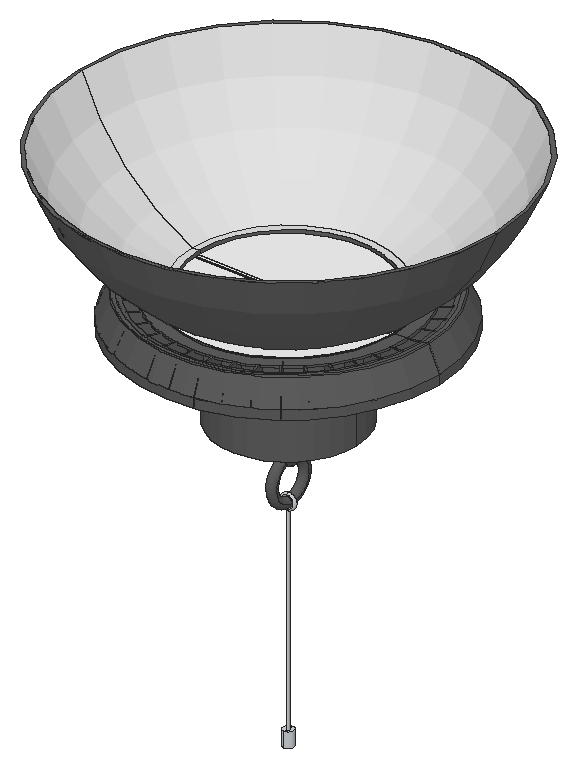
Revit family "0039363+0039357 Sylvania Lighting Fixture START HighBay IP65 DALI 19000lm 840 MB with ALU SHADE BLACK COLOR FOR 13 19KLM pendant", category Lighting Fixtures, host Face, Revit 2017
Family settings
  Host = Face
  Round Connector Dimension = Use Diameter
  Part Type = Normal
  OmniClass Number = 23.80.70.00
  OmniClass Title = Lighting
  Cut with Voids When Loaded = No
  Light Source = Yes
  Shared = No
  Room Calculation Point = No
Parameters (values of type "0039363+0039357 START HighBay IP65 DALI 19000lm 840 MB with ALU SHADE BLACK COLOR FOR 13/19KLM")
  WidthStraight_FEILO = if(SizeS_FEILO, 3 mm, if(SizeM_FEILO, 4 mm, 4.7 mm))  # 4 mm
  WidthRingChamfer_FEILO = if(SizeS_FEILO, 10.3 mm, if(SizeM_FEILO, 11.2 mm, 12.9 mm))  # 11.2 mm
  WidthCurved_FEILO = if(SizeS_FEILO, 17.4 mm, if(SizeM_FEILO, 16.4 mm, 26.2 mm))  # 16.4 mm
  WidthCurvedRing_FEILO = if(SizeS_FEILO, 3 mm, if(SizeM_FEILO, 4 mm, 4.7 mm))  # 4 mm
  WidthBracket_FEILO = 40 mm
  Weight = "3.4 kg"
  Wattage Comments = ""
  Wattage = 150 W
  WarrantyStartDate [instance] = "n/a"
  WarrantyGuarantorParts = "n/a"
  WarrantyDurationUnit = "n/a"
  WarrantyDurationParts = "n/a"
  WarrantyDescription = "n/a"
  built-in parameter 1150110 = 1 (stored number, unit not read)
  Voltage = 0 V
  VisibilityBracket_FEILO = no
  URL = "http://www.sylvania-lighting.com"
  TypeName = "START HighBay IP65 DALI 19000lm 840 MB with ALU SHADE BLACK COLOR FOR 13/19KLM"
  Type Image = <None>
  Type Comments = "n/a"
  built-in parameter 1114217 = 1 (stored number, unit not read)
  Tilt Angle = -90.00°
  ThicknessWall_FEILO = 1.5 mm
  ThicknessBracket_FEILO = 1.5 mm
  ThicknessBracketHalf_FEILO = ThicknessBracket_FEILO / 2  # 0.75 mm
  built-in parameter 1150109 = 1 (stored number, unit not read)
  built-in parameter 1150134 = 12
  SuspensionHeight_FEILO [instance] = 400 mm
  built-in parameter 1150113 = 1 (stored number, unit not read)
  SizeS_FEILO = no
  SizeM_FEILO = yes
  ShadeThickness_FEILO = 3 mm
  ShadeSizeSM_FEILO = or(SizeS_FEILO, SizeM_FEILO)  # yes
  ShadeRadiusOut_FEILO = 205 mm
  ShadeRadiusIn_FEILO = if(ShadeSizeSM_FEILO, 95 mm, 121 mm)  # 95 mm
  ShadeRadiusBend_FEILO = if(ShadeSizeSM_FEILO, 210 mm, 210 mm)  # 210 mm
  ShadeHeight_FEILO = if(ShadeSizeSM_FEILO, 120 mm, 151 mm)  # 120 mm
  SerialNumber [instance] = "n/a"
  Rib4_FEILO = if(SizeS_FEILO, 18.1 mm, if(SizeM_FEILO, 13.6 mm, 14.6 mm))  # 13.6 mm
  Rib3_FEILO = if(SizeS_FEILO, 15.3 mm, if(SizeM_FEILO, 17.6 mm, 20.2 mm))  # 17.6 mm
  Rib2_FEILO = if(SizeS_FEILO, 3.6 mm, if(SizeM_FEILO, 3.9 mm, 4.5 mm))  # 3.9 mm
  Rib1_FEILO = if(SizeS_FEILO, 15.1 mm, if(SizeM_FEILO, 16.5 mm, 19 mm))  # 16.5 mm
  RadiusDiffuser_FEILO = if(SizeS_FEILO, 95.2 mm, if(SizeM_FEILO, 105.3 mm, 120 mm))  # 105.3 mm
  RadiusArrayPost_FEILO = DriverRadius_FEILO - 6 mm  # 61.2 mm
  RHRadius3_FEILO = if(SizeS_FEILO, 6.6 mm, if(SizeM_FEILO, 7.4 mm, 8.6 mm))  # 7.4 mm
  RHRadius2_FEILO = if(SizeS_FEILO, 11 mm, if(SizeM_FEILO, 12 mm, 14 mm))  # 12 mm
  RHRadius1_FEILO = if(SizeS_FEILO, 13.6 mm, if(SizeM_FEILO, 14.9 mm, 17.7 mm))  # 14.9 mm
  RHHeight4_FEILO = if(SizeS_FEILO, 7.3 mm, if(SizeM_FEILO, 8 mm, 9.2 mm))  # 8 mm
  RHHeight3_FEILO = if(SizeS_FEILO, 3.6 mm, if(SizeM_FEILO, 3.7 mm, 4.6 mm))  # 3.7 mm
  RHHeight2_FEILO = if(SizeS_FEILO, 2 mm, if(SizeM_FEILO, 2.2 mm, 2.6 mm))  # 2.2 mm
  RHHeight1_FEILO = if(SizeS_FEILO, 11.8 mm, if(SizeM_FEILO, 15.3 mm, 17.4 mm))  # 15.3 mm
  Photometric Web File = "0039363+0039357.ies"
  Material_5_FEILO = Shade-Sylvania-StartHighbay-Alu
  Material_3_FEILO = LED-Sylvania-StartHighbay-Glow
  PowerFactor = 0.95
  PowerConsumption = "150 W"
  NominalLength = 296 mm
  NominalHeight = 172 mm
  NominalDepth = 296 mm
  Name = "START HighBay IP65 DALI 19000lm 840 MB with ALU SHADE BLACK COLOR FOR 13/19KLM"
  ModelReference = Name  # "START HighBay IP65 DALI 19000lm 840 MB with ALU SHADE BLACK COLOR FOR 13/19KLM"
  ModelNumber = "0039363+0039357"
  Model = Name  # "START HighBay IP65 DALI 19000lm 840 MB with ALU SHADE BLACK COLOR FOR 13/19KLM"
  Material = "aluminium alloy housing, polycarbonate diffuser"
  ManufacturerName = "Feilo Sylvania"
  Manufacturer = "Feilo Sylvania"
  LuminousEfficacy = "130 lm/W"
  built-in parameter 1150105 = 26502 (stored number, unit not read)
  Lumens = 19500 lm
  LuminaireType = ""
  built-in parameter 1150115 = 1 (stored number, unit not read)
  LightOutputRatio = "n/a"
  built-in parameter 1150137 = (empty or 0)
  built-in parameter 1150139 = (empty or 0)
  LampsType = Lamp  # "LED"
  LampNominalLuminous = "19500 lm"
  LampMacAdamStep = "6"
  LampColourTemperature = "4000 K"
  LampColourRenderingIndex = "80"
  built-in parameter 1150112 = 1 (stored number, unit not read)
  built-in parameter 1150114 = 1 (stored number, unit not read)
  Lamp = "LED"
  Keynote = "16500"
  InstallationDate [instance] = "n/a"
  InputVoltage = "n/a"
  InputNominalFrequency = "50/60 Hz"
  built-in parameter 1150132 = (empty or 0)
  built-in parameter 1150102 = (empty or 0)
  built-in parameter 1150107 = 4000 (stored number, unit not read)
  built-in parameter 1150138 = (empty or 0)
  IngressProtection = "IP65"
  ImpactProtectionIndex = "IK08"
  built-in parameter 1150106 = 265.02 (stored number, unit not read)
  IfcExportType = "IfcLightFixtureType"
  IfcExportAs = "IfcLightFixtureType"
  HeightRing_FEILO = if(SizeS_FEILO, 19.8 mm, if(SizeM_FEILO, 32 mm, 36.8 mm))  # 32 mm
  HeightRingChamfer_FEILO = if(SizeS_FEILO, 11.7 mm, if(SizeM_FEILO, 23.2 mm, 26.6 mm))  # 23.2 mm
  EyeThickness_FEILO = if(SizeS_FEILO, 8.4 mm, if(SizeM_FEILO, 9.2 mm, 10.5 mm))  # 9.2 mm
  EyeThicknessHalf_FEILO = EyeThickness_FEILO / 2  # 4.6 mm
  EyeInner_FEILO = if(SizeS_FEILO, 13.8 mm, if(SizeM_FEILO, 15.1 mm, 17.3 mm))  # 15.1 mm
  ExpectedLife = 50000
  Emit from Circle Diameter = RadiusDiffuser_FEILO * 2  # 210.6 mm
  Emit Shape Visible in Rendering = no
  ElectricShockClassification = "Class I"
  built-in parameter 1150104 = 12.077 (stored number, unit not read)
  DurationUnit = "hours"
  DriverVerticalStraight_FEILO = if(SizeS_FEILO, 46.5 mm, if(SizeM_FEILO, 49.7 mm, 57 mm))  # 49.7 mm
  DriverVerticalChamfer_FEILO = if(SizeS_FEILO, 7.5 mm, if(SizeM_FEILO, 8.2 mm, 9.5 mm))  # 8.2 mm
  DriverRadius_FEILO = if(SizeS_FEILO, 61.4 mm, if(SizeM_FEILO, 67.2 mm, 76.4 mm))  # 67.2 mm
  DriverRadiusTop_FEILO = if(SizeS_FEILO, 42 mm, if(SizeM_FEILO, 45.3 mm, 52.4 mm))  # 45.3 mm
  DriverBottom_FEILO = if(SizeS_FEILO, 56 mm, if(SizeM_FEILO, 64.5 mm, 74 mm))  # 64.5 mm
  DocumentationLiterature = "http://www.sylvania-lighting.com/product/en-int/products/0039363"
  DimmingControlOptions = "Dimmable"
  Material_2_FEILO = Diffuser-Sylvania-StartHighbay-Transparent
  Radius_FEILO = if(SizeS_FEILO, 135 mm, if(SizeM_FEILO, 148 mm, 169.5 mm))  # 148 mm
  Dimming Lamp Color Temperature Shift = <None>
  DiameterWire_FEILO = 3 mm
  DiameterWireSupport_FEILO = 10 mm
  Description = "START Highbay, includes 1 m cables, black aluminium housing, 19,500 Lm, 150 W, 130 Lm/W, 4000 K, drive current: 3300 mA, CRI 80, 60° beam angle, DALI dimmable, IP65, IK08, 50,000 hrs (L80/B50), (D x H) 296 x 172 mm."
  Default Elevation = 1219.2 mm
  CreatedOn = "5/15/2018"
  CreatedBy = ""
  Cost = 0
  Color Filter = 16777215
  built-in parameter 1114216 [instance] = (empty or 0)
  ClassificationValue = "EF_70_80"
  ClassificationName = "Uniclass2015"
  Material_1_FEILO = Body-Sylvania-StartHighbay-Black
  BarCode [instance] = "n/a"
  built-in parameter 1114218 = 1 (stored number, unit not read)
  built-in parameter 1150133 = 10 (stored number, unit not read)
  AssetType = "Fixed"
  AssetIdentifier [instance] = "n/a"
  Assembly Code = "D5020200"
  Apparent Load = 150 VA
  Material_4_FEILO = Shade-Sylvania-StartHighbay-Black
Reference planes
  plane 1 "Center (Front/Back)": y = 0
  plane 2: z = 0
  plane 3 "Center (Left/Right)": x = 0
  plane 4: z = 400
  plane 5: x = -148
  plane 6: x = -136.8
  plane 7: z = 376.8
  plane 8: z = 368
  plane 9: x = -132.8
  plane 10: z = 397.375
  plane 11: x = -116.4
  plane 12: x = -105.3
  plane 13: x = -128.8
  plane 14: z = 398.375
  plane 15: z = 396.375
  plane 16: x = -102.3
  plane 17: z = 395.375
  plane 18: x = -146.5
  plane 19: x = -131.5
  plane 20: z = 364.1
  plane 21: x = -113.9
  plane 22: z = 350.5
  plane 23: x = -20
  plane 24: z = 335.5
  plane 25: x = -67.2
  plane 26: z = 285.8
  plane 27: x = -45.3
  plane 28: z = 277.6
  plane 29: x = -14.9
  plane 30: z = 262.3
  plane 31: z = 260.1
  plane 32: x = -12
  plane 33: z = 256.4
  plane 34: z = 248.4
  plane 35: x = -7.4
  plane 36: z = 233.3
  plane 37: z = 218.2
  plane 38: x = 4.6
  plane 39: x = -4.6
  plane 40: z = 209
  plane 41: z = 213.6
  plane 42: x = -141.65
  plane 43: x = -145.5
  plane 44: z = 366.5
  plane 45: x = -135.3
  plane 46: z = 310.65
  plane 47: y = -20
  plane 48: y = 20
  plane 49: x = 148
  plane 50: x = 136.8
  plane 51: x = 146.5
  plane 52: x = 141.65
  plane 53: x = 145.5
  plane 54: x = 135.3
  plane 55: z = 221.2
  plane 56: y = 1.5
  plane 57: y = -1.5
  plane 58: z = 219.7
  plane 59: z = 207.5
  plane 60: z = 206
  plane 61: y = -5
  plane 62: y = 5
  plane 63: z = 14
  plane 64: x = -205
  plane 65: z = 520
  plane 66: x = -95
  plane 67: x = -87
  plane 68: x = -202
  plane 69: z = 403
Forms (mm)
  Revolve 1, solid, material "Body-Sylvania-StartHighbay-Black" <- "Material_1_FEILO", detail levels medium+fine
    sketch origin (0, 0, 0) x (1, 0, 0) y (0, 0, 1)
      loop
        line (-148, 368) -> (-146.5, 368) -> (-146.5, 376.457) -> (-136.402, 397.375) -> (-128.8, 397.375) -> (-128.8, 398.859)
        arc (-128.8, 398.859) -> (-130.811, 399.39) -> (-132.8, 400) r 52.543
        line (-132.8, 400) -> (-136.341, 400)
        arc (-136.341, 400) -> (-136.831, 399.825) -> (-137.099, 399.38) r 0.774
        line (-137.099, 399.38) -> (-148, 376.8) -> (-148, 368)
      axis (0, 400) -> (0, 368)
    angle from 360 to 0
  Revolve 2, solid, material "Body-Sylvania-StartHighbay-Black" <- "Material_1_FEILO", detail levels medium+fine
    sketch origin (0, 0, 0) x (1, 0, 0) y (0, 0, 1)
      loop
        line (-116.4, 395.375) -> (-105.3, 395.375) -> (-105.3, 376.8) -> (0, 376.8) -> (0, 395.375) -> (-102.3, 395.375) -> (-102.3, 396.375) -> (-105.3, 396.375) -> (-105.3, 397.375) -> (-116.4, 397.375) -> (-116.4, 395.375)
      axis (0, 397.375) -> (0, 376.8)
    angle from 360 to 0
  Revolve 3, solid, material "Diffuser-Sylvania-StartHighbay-Transparent" <- "Material_2_FEILO", detail levels medium+fine
    sketch origin (0, 0, 0) x (1, 0, 0) y (0, 0, 1)
      loop
        line (-105.3, 396.375) -> (0, 396.375) -> (0, 398.375) -> (-105.3, 398.375) -> (-105.3, 396.375)
      axis (0, 398.375) -> (0, 396.375)
    angle from 360 to 0
  Revolve 4, solid, material "Body-Sylvania-StartHighbay-Black" <- "Material_1_FEILO"
    sketch origin (0, 0, 0) x (1, 0, 0) y (0, 0, 1)
      loop
        line (-67.2, 350.5) -> (-67.2, 285.8) -> (-45.3, 277.6) -> (-14.9, 277.6) -> (-14.9, 262.3) -> (-12, 260.1) -> (-12, 256.4) -> (-7.837, 249.126)
        arc (-7.837, 249.126) -> (-7.29, 248.594) -> (-6.553, 248.4) r 1.5
        line (-6.553, 248.4) -> (0, 248.4) -> (0, 350.5) -> (-67.2, 350.5)
      axis (0, 350.5) -> (0, 248.4)
    angle from 360 to 0
  Revolve 5, solid, material "Body-Sylvania-StartHighbay-Black" <- "Material_1_FEILO"
    sketch origin (0, 0, 0) x (1, 0, 0) y (0, 0, 1)
      loop
        circle (0, 213.6) r 4.6
      axis (4.6, 233.3) -> (-4.6, 233.3)
    angle from 360 to 0
  Extrusion 6, solid, material "Body-Sylvania-StartHighbay-Black" <- "Material_1_FEILO", visible <- "VisibilityBracket_FEILO"
    sketch origin (0, 0, 0) x (1, 0, 0) y (0, 0, 1)
      loop
        line (-145.5, 368) -> (-145.5, 366.5) -> (-137.55, 366.5)
        arc (-137.55, 366.5) -> (-137.02, 366.28) -> (-136.8, 365.75) r 0.75
        line (-136.8, 365.75) -> (-136.8, 310.65) -> (-135.3, 310.65) -> (-135.3, 366.5)
        arc (-135.3, 366.5) -> (-135.739, 367.561) -> (-136.8, 368) r 1.5
        line (-136.8, 368) -> (-145.5, 368)
      loop
        line (145.5, 368) -> (136.8, 368)
        arc (136.8, 368) -> (135.739, 367.561) -> (135.3, 366.5) r 1.5
        line (135.3, 366.5) -> (135.3, 310.65) -> (136.8, 310.65) -> (136.8, 365.75)
        arc (136.8, 365.75) -> (137.02, 366.28) -> (137.55, 366.5) r 0.75
        line (137.55, 366.5) -> (145.5, 366.5) -> (145.5, 368)
    from -20 to 20
  Extrusion 7, void
    sketch origin (0, 0, 0) x (0, 1, 0) y (0, 0, 1)
      loop
        arc (-10, 310.65) -> (-17.071, 313.579) -> (-20, 320.65) r 10
        line (-20, 320.65) -> (-25, 320.65) -> (-25, 305.65) -> (-10, 305.65) -> (-10, 310.65)
      loop
        line (10, 310.65) -> (10, 305.65) -> (25, 305.65) -> (25, 320.65) -> (20, 320.65)
        arc (20, 320.65) -> (17.071, 313.579) -> (10, 310.65) r 10
    from -136.8 to 136.8
  Revolve 8, solid, material "Body-Sylvania-StartHighbay-Black" <- "Material_1_FEILO", detail levels coarse
    sketch origin (0, 0, 0) x (1, 0, 0) y (0, 0, 1)
      loop
        line (0, 400) -> (-136.8, 400) -> (-148, 376.8) -> (-148, 368) -> (-131.5, 368) -> (-131.5, 364.1) -> (-113.9, 350.5) -> (0, 350.5) -> (0, 400)
      axis (0, 400) -> (0, 350.5)
    angle from 360 to 0
  Revolve 9, solid
    sketch origin (0, 0, 0) x (0, 1, 0) y (0, 0, 1)
      loop
        circle (0, 219.7) r 1.5
      axis (1.5, 213.6) -> (-1.5, 213.6)
    angle from 360 to 0
  Revolve 10, solid
    sketch origin (0, 0, 0) x (0, 1, 0) y (0, 0, 1)
      loop
        line (0, 0) -> (0, 207.5) -> (-1.5, 207.5) -> (-1.5, 14) -> (-5, 14) -> (-5, 0) -> (0, 0)
      axis (0, 0) -> (0, 207.5)
    angle from 360 to 0
  Revolve 11, solid, material "Shade-Sylvania-StartHighbay-Black" <- "Material_4_FEILO"
    sketch origin (0, 0, 0) x (1, 0, 0) y (0, 0, 1)
      loop
        line (-95, 400) -> (-87, 400) -> (-87, 403) -> (-94.341, 403)
        arc (-94.341, 403) -> (-159.747, 450.78) -> (-201.81, 520) r 207
        line (-201.81, 520) -> (-205, 520)
        arc (-205, 520) -> (-162.101, 448.908) -> (-95, 400) r 210
      axis (0, 520) -> (0, 400)
    angle from 360 to 0
Cuts and joins
  Extrusion 7 cuts Extrusion 6
Lines and regions (mm)
  reference lines
    curve 1: line (-148, 0, 376.8) -> (-136.8, 0, 400)
    curve 2: line (-116.4, 0, 397.375) -> (0, 0, 397.375)
    curve 3: arc (-116.4, 0, 397.375) -> (-124.704, 0, 398.035) -> (-132.8, 0, 400) r 52.543
    curve 4: line (-136.8, 0, 400) -> (-132.8, 0, 400)
    curve 5: line (-136.402, 0, 397.375) -> (-146.5, 0, 376.457)
    curve 6: line (-131.5, 0, 364.1) -> (-113.9, 0, 350.5)
    curve 7: line (-12, 0, 256.4) -> (-7.4, 0, 248.4)
    curve 8: circle (0, 0, 213.6) r 4.6 normal (0, -1, 0)
    curve 9: arc (-95, 0, 400) -> (-162.101, 0, 448.908) -> (-205, 0, 520) r 210
Dimensions and locks
  "Radius_FEILO": plane 3 "Center (Left/Right)" to plane 5
  "WidthRingChamfer_FEILO": plane 6 to plane 5
  "WidthStraight_FEILO": plane 9 to plane 6
  "WidthCurvedRing_FEILO": plane 13 to plane 9
  locked: plane 10 to plane 15 at 1
  locked: plane 14 to plane 10 at 1
  locked: plane 4 to plane 10 at 2.625
  locked: plane 15 to plane 17 at 1
  "ThicknessWall_FEILO": plane 18 to plane 5
  "ThicknessWall_FEILO": curve 5 to curve 1
  "HeightRingChamfer_FEILO": plane 4 to plane 7
  "HeightRing_FEILO": plane 4 to plane 8
  "RadiusDiffuser_FEILO": plane 3 "Center (Left/Right)" to plane 12
  locked: plane 16 to plane 12 at 3
  "WidthCurved_FEILO": plane 11 to plane 9
  "SuspensionHeight_FEILO": plane 4 to plane 2
  "Rib1_FEILO": plane 19 to plane 5
  "Rib2_FEILO": plane 8 to plane 20
  "Rib3_FEILO": plane 21 to plane 19
  "Rib4_FEILO": plane 20 to plane 22
  locked: plane 3 "Center (Left/Right)" to plane 23 at 20
  "DriverBottom_FEILO": plane 4 to plane 24
  "DriverRadius_FEILO": plane 3 "Center (Left/Right)" to plane 25
  "DriverVerticalStraight_FEILO": plane 24 to plane 26
  "DriverRadiusTop_FEILO": plane 3 "Center (Left/Right)" to plane 27
  "DriverVerticalChamfer_FEILO": plane 26 to plane 28
  "RHRadius1_FEILO": plane 3 "Center (Left/Right)" to plane 29
  "RHHeight2_FEILO": plane 30 to plane 31
  "RHRadius2_FEILO": plane 3 "Center (Left/Right)" to plane 32
  "RHHeight3_FEILO": plane 31 to plane 33
  "RHHeight4_FEILO": plane 33 to plane 34
  "RHRadius3_FEILO": plane 3 "Center (Left/Right)" to plane 35
  "RHHeight1_FEILO": plane 28 to plane 30
  "EyeInner_FEILO": plane 34 to plane 36
  "EyeInner_FEILO": plane 36 to plane 37
  equal spacing: plane 38, plane 3 "Center (Left/Right)", plane 39
  "EyeThickness_FEILO": plane 38 to plane 39
  "EyeThickness_FEILO": plane 37 to plane 40
  equal spacing: plane 37, plane 41, plane 40
  equal spacing: plane 6, plane 42, plane 18
  "ThicknessBracket_FEILO": plane 45 to plane 6
  "ThicknessBracket_FEILO": plane 8 to plane 44
  locked: plane 43 to plane 18 at 1
  equal spacing: plane 24, plane 46, plane 26
  equal spacing: plane 47, plane 1 "Center (Front/Back)", plane 48
  "WidthBracket_FEILO": plane 47 to plane 48
  "WidthRingChamfer_FEILO": plane 50 to plane 49
  "ThicknessWall_FEILO": plane 51 to plane 49
  equal spacing: plane 50, plane 52, plane 51
  "ThicknessBracket_FEILO": plane 54 to plane 50
  locked: plane 53 to plane 51 at 1
  "Radius_FEILO": plane 49 to plane 3 "Center (Left/Right)"
  equal spacing: plane 57, imposter light, plane 56
  "DiameterWire_FEILO": plane 57 to plane 56
  "DiameterWire_FEILO": plane 37 to plane 55
  equal spacing: plane 37, plane 58, plane 55
  "DiameterWire_FEILO": plane 60 to plane 40
  equal spacing: plane 60, plane 59, plane 40
  equal spacing: plane 61, plane 1 "Center (Front/Back)", plane 62
  "DiameterWireSupport_FEILO": plane 61 to plane 62
  locked: plane 63 to plane 2 at 14
  "ShadeRadiusOut_FEILO": plane 3 "Center (Left/Right)" to plane 64
  "ShadeHeight_FEILO": plane 65 to plane 4
  "ShadeRadiusIn_FEILO": plane 3 "Center (Left/Right)" to plane 66
  locked: plane 67 to plane 66 at 8
  "ShadeThickness_FEILO": plane 69 to plane 4
  "ShadeThickness_FEILO": plane 68 to plane 64
  "EyeThicknessHalf_FEILO": radius of curve 8
  "ThicknessBracket_FEILO": radius of Extrusion 6 sketch curve  (x2)
  "ThicknessBracketHalf_FEILO": radius of Extrusion 6 sketch curve  (x2)
  "DiameterWire_FEILO": diameter of Revolve 9 sketch curve
  "ShadeRadiusBend_FEILO": radius of curve 9
  aligned and locked: plane 2 to host face
  aligned and locked: level to host face
  aligned and locked: plane 5 to curve 1
  aligned and locked: plane 6 to curve 1
  aligned and locked: plane 7 to curve 1
  aligned and locked: plane 10 to curve 2
  aligned and locked: plane 9 to curve 3
  aligned and locked: plane 4 to curve 3
  aligned and locked: plane 11 to curve 3
  aligned and locked: plane 4 to curve 4
  aligned and locked: plane 18 to curve 5
  aligned and locked: plane 10 to curve 5
  aligned and locked: Revolve 1 sketch curve to plane 3 "Center (Left/Right)"
  aligned and locked: Revolve 1 sketch curve to curve 3
  aligned and locked: Revolve 1 sketch curve to curve 1
  aligned and locked: plane 4 to Revolve 1 sketch curve
  aligned and locked: plane 9 to Revolve 1 sketch curve
  aligned and locked: Revolve 1 sketch curve to plane 13
  aligned and locked: Revolve 1 sketch curve to plane 10
  aligned and locked: plane 13 to Revolve 1 sketch curve
  aligned and locked: plane 10 to Revolve 1 sketch curve
  aligned and locked: Revolve 1 sketch curve to plane 18
  aligned and locked: Revolve 1 sketch curve to plane 8
  aligned and locked: plane 5 to Revolve 1 sketch curve  (x2)
  aligned and locked: Revolve 2 sketch curve to plane 3 "Center (Left/Right)"
  aligned and locked: plane 11 to Revolve 2 sketch curve
  aligned and locked: Revolve 2 sketch curve to curve 2
  aligned and locked: plane 15 to Revolve 2 sketch curve
  aligned and locked: Revolve 2 sketch curve to plane 16
  aligned and locked: plane 17 to Revolve 2 sketch curve  (x2)
  aligned and locked: Revolve 2 sketch curve to plane 12
  aligned and locked: plane 7 to Revolve 2 sketch curve
  aligned and locked: Revolve 3 sketch curve to plane 3 "Center (Left/Right)"
  aligned and locked: Revolve 3 sketch curve to plane 14
  aligned and locked: plane 3 "Center (Left/Right)" to Revolve 3 sketch curve
  aligned and locked: Revolve 3 sketch curve to plane 12
  aligned and locked: plane 15 to Revolve 3 sketch curve
  aligned and locked: Revolve 1 sketch curve to curve 5
  aligned and locked: plane 22 to curve 6
  aligned and locked: plane 21 to curve 6
  aligned and locked: plane 20 to curve 6
  aligned and locked: plane 19 to curve 6
  aligned and locked: plane 33 to curve 7
  aligned and locked: plane 32 to curve 7
  aligned and locked: plane 35 to curve 7
  aligned and locked: plane 34 to curve 7
  aligned and locked: Revolve 4 sketch curve to plane 3 "Center (Left/Right)"
  aligned and locked: Revolve 4 sketch curve to plane 25
  aligned and locked: plane 27 to Revolve 4 sketch curve
  aligned and locked: plane 28 to Revolve 4 sketch curve
  aligned and locked: plane 30 to Revolve 4 sketch curve
  aligned and locked: Revolve 4 sketch curve to plane 29
  aligned and locked: plane 31 to Revolve 4 sketch curve
  aligned and locked: Revolve 4 sketch curve to curve 7
  aligned and locked: Revolve 4 sketch curve to plane 32
  aligned and locked: plane 34 to Revolve 4 sketch curve
  aligned and locked: plane 3 "Center (Left/Right)" to Revolve 4 sketch curve
  aligned and locked: plane 3 "Center (Left/Right)" to curve 8
  aligned and locked: plane 41 to curve 8
  aligned and locked: Revolve 5 sketch curve to plane 36
  aligned and locked: Revolve 5 sketch curve to curve 8
  aligned and locked: plane 43 to Extrusion 6 sketch curve  (x2)
  aligned and locked: plane 8 to Extrusion 6 sketch curve  (x3)
  aligned and locked: Extrusion 6 sketch curve to plane 45
  aligned and locked: Extrusion 6 sketch curve to plane 46  (x2)
  aligned and locked: plane 6 to Extrusion 6 sketch curve
  aligned and locked: Extrusion 6 sketch curve to plane 44  (x2)
  aligned and locked: Extrusion 6 to plane 48
  aligned and locked: plane 47 to Extrusion 6
  aligned and locked: plane 53 to Extrusion 6 sketch curve
  aligned and locked: plane 50 to Extrusion 6 sketch curve
  aligned and locked: Extrusion 6 sketch curve to plane 54
  aligned and locked: Extrusion 7 sketch curve to Extrusion 7 sketch curve
  aligned and locked: Extrusion 7 to plane 6
  aligned and locked: Extrusion 7 to Extrusion 6
  aligned and locked: Revolve 4 sketch curve to plane 22
  aligned and locked: plane 23 to nested 1
  aligned and locked: plane 1 "Center (Front/Back)" to nested 1
  aligned and locked: Revolve 8 sketch curve to plane 3 "Center (Left/Right)"
  aligned and locked: Revolve 8 sketch curve to plane 4
  aligned and locked: plane 6 to Revolve 8 sketch curve
  aligned and locked: plane 4 to Revolve 8 sketch curve
  aligned and locked: plane 7 to Revolve 8 sketch curve
  aligned and locked: Revolve 8 sketch curve to plane 5
  aligned and locked: plane 8 to Revolve 8 sketch curve  (x2)
  aligned and locked: Revolve 8 sketch curve to plane 19
  aligned and locked: plane 20 to Revolve 8 sketch curve
  aligned and locked: plane 19 to Revolve 8 sketch curve
  aligned and locked: plane 21 to Revolve 8 sketch curve
  aligned and locked: plane 22 to Revolve 8 sketch curve  (x2)
  aligned and locked: Revolve 8 sketch curve to Revolve 8 sketch curve
  aligned and locked: imposter light to plane 4
  aligned and locked: plane 3 "Center (Left/Right)" to imposter light
  aligned and locked: imposter light to plane 1 "Center (Front/Back)"
  aligned and locked: Revolve 9 sketch curve to plane 41
  aligned and locked: Revolve 10 sketch curve to plane 1 "Center (Front/Back)"
  aligned and locked: plane 1 "Center (Front/Back)" to Revolve 10 sketch curve  (x2)
  aligned and locked: host face to Revolve 10 sketch curve
  aligned and locked: plane 63 to Revolve 10 sketch curve
  aligned and locked: Revolve 10 sketch curve to plane 61
  aligned and locked: Revolve 10 sketch curve to plane 57
  aligned and locked: plane 59 to Revolve 10 sketch curve
  aligned and locked: plane 64 to curve 9
  aligned and locked: plane 65 to curve 9
  aligned and locked: plane 66 to curve 9
  aligned and locked: plane 4 to curve 9
  aligned and locked: Revolve 11 sketch curve to curve 9
  aligned and locked: plane 67 to Revolve 11 sketch curve
  aligned and locked: plane 66 to Revolve 11 sketch curve
  aligned and locked: plane 65 to Revolve 11 sketch curve  (x2)
  aligned and locked: Revolve 11 sketch curve to plane 67
  aligned and locked: plane 69 to Revolve 11 sketch curve
Automatic sketch dimensions
  host sketch curve to host sketch curve = 2438.4 mm  (x2)
  Revolve 1 sketch curve to plane 6 = 0.299 mm
  plane 6 to Revolve 1 sketch curve = 0.459 mm
  Revolve 1 sketch curve to level = 609.6 mm
  Revolve 1 sketch curve to Revolve 1 sketch curve = 2312.223 mm
  Revolve 2 sketch curve to plane 12 = 0 mm
  Revolve 2 sketch curve to plane 3 "Center (Left/Right)" = 0 mm
  Revolve 2 sketch curve to level = 609.6 mm
  Revolve 2 sketch curve to plane 4 = 2339.058 mm
  Revolve 3 sketch curve to level = 609.6 mm
  Revolve 3 sketch curve to plane 4 = 2339.058 mm
  Revolve 5 sketch curve to plane 5 = 1080 mm
  plane 38 to Revolve 5 sketch curve = 1219.2 mm
  Extrusion 7 sketch curve to plane 47 = 0 mm
  plane 46 to Extrusion 7 sketch curve = 0 mm  (x2)
  Extrusion 7 sketch curve to plane 48 = 0 mm
  plane 47 to Extrusion 7 sketch curve = 5 mm
  plane 1 "Center (Front/Back)" to Extrusion 7 sketch curve = 10 mm
  Extrusion 7 sketch curve to Extrusion 7 sketch curve = 10 mm
  plane 46 to Extrusion 7 sketch curve = 5 mm
  Extrusion 7 sketch curve to Extrusion 7 sketch curve = 5 mm
  Extrusion 7 sketch curve to plane 48 = 5 mm
  Revolve 4 sketch curve to plane 26 = 0 mm
  Revolve 4 sketch curve to plane 35 = 0.437 mm
  plane 35 to Revolve 4 sketch curve = 0.847 mm
  Revolve 4 sketch curve to plane 34 = 0.726 mm
  plane 40 to Revolve 4 sketch curve = 590.2 mm
  Revolve 4 sketch curve to plane 4 = 2339.058 mm
  Revolve 8 sketch curve to level = 609.6 mm
  Revolve 8 sketch curve to Revolve 8 sketch curve = 2386.058 mm
  Revolve 9 sketch curve to plane 1 "Center (Front/Back)" = 0 mm
  plane 58 to Revolve 9 sketch curve = 0 mm
  plane 47 to Revolve 9 sketch curve = 2534.941 mm
  Revolve 9 sketch curve to plane 48 = 2077.409 mm
  Revolve 10 sketch curve to Revolve 10 sketch curve = 609.6 mm
  Revolve 10 sketch curve to plane 4 = 2123.807 mm
  curve 2 to plane 3 "Center (Left/Right)" = 0 mm
  Revolve 11 sketch curve to Revolve 11 sketch curve = 0 mm  (x2)
  Revolve 11 sketch curve to plane 3 "Center (Left/Right)" = 0 mm
  plane 66 to Revolve 11 sketch curve = 0.659 mm
  Revolve 11 sketch curve to level = 609.6 mm
  Revolve 11 sketch curve to Revolve 11 sketch curve = 2068.248 mm
Nested families
  nested 1: "Start Highbay Rib" at (0, 0, 397.375), type "Type Name", detail levels medium+fine
    with SuspensionHeight_FEILO 2.6 mm
  nested 2: "Start Highbay Rib" at (0, 0, 397.375) x (0.9877, 0.1564, 0) z (0, 0, 1), type "Type Name", detail levels medium+fine
    with SuspensionHeight_FEILO 2.6 mm
  nested 3: "Start Highbay Rib" at (0, 0, 397.375) x (0.9511, 0.309, 0) z (0, 0, 1), type "Type Name", detail levels medium+fine
    with SuspensionHeight_FEILO 2.6 mm
  nested 4: "Start Highbay Rib" at (0, 0, 397.375) x (0.891, 0.454, 0) z (0, 0, 1), type "Type Name", detail levels medium+fine
    with SuspensionHeight_FEILO 2.6 mm
  nested 5: "Start Highbay Rib" at (0, 0, 397.375) x (0.809, 0.5878, 0) z (0, 0, 1), type "Type Name", detail levels medium+fine
    with SuspensionHeight_FEILO 2.6 mm
  nested 6: "Start Highbay Rib" at (0, 0, 397.375) x (0.7071, 0.7071, 0) z (0, 0, 1), type "Type Name", detail levels medium+fine
    with SuspensionHeight_FEILO 2.6 mm
  nested 7: "Start Highbay Rib" at (0, 0, 397.375) x (0.5878, 0.809, 0) z (0, 0, 1), type "Type Name", detail levels medium+fine
    with SuspensionHeight_FEILO 2.6 mm
  nested 8: "Start Highbay Rib" at (0, 0, 397.375) x (0.454, 0.891, 0) z (0, 0, 1), type "Type Name", detail levels medium+fine
    with SuspensionHeight_FEILO 2.6 mm
  nested 9: "Start Highbay Rib" at (0, 0, 397.375) x (0.309, 0.9511, 0) z (0, 0, 1), type "Type Name", detail levels medium+fine
    with SuspensionHeight_FEILO 2.6 mm
  nested 10: "Start Highbay Rib" at (0, 0, 397.375) x (0.1564, 0.9877, 0) z (0, 0, 1), type "Type Name", detail levels medium+fine
    with SuspensionHeight_FEILO 2.6 mm
  nested 11: "Start Highbay Rib" at (0, 0, 397.375) x (0, 1, 0) z (0, 0, 1), type "Type Name", detail levels medium+fine
    with SuspensionHeight_FEILO 2.6 mm
  nested 12: "Start Highbay Rib" at (0, 0, 397.375) x (-0.1564, 0.9877, 0) z (0, 0, 1), type "Type Name", detail levels medium+fine
    with SuspensionHeight_FEILO 2.6 mm
  nested 13: "Start Highbay Rib" at (0, 0, 397.375) x (-0.309, 0.9511, 0) z (0, 0, 1), type "Type Name", detail levels medium+fine
    with SuspensionHeight_FEILO 2.6 mm
  nested 14: "Start Highbay Rib" at (0, 0, 397.375) x (-0.454, 0.891, 0) z (0, 0, 1), type "Type Name", detail levels medium+fine
    with SuspensionHeight_FEILO 2.6 mm
  nested 15: "Start Highbay Rib" at (0, 0, 397.375) x (-0.5878, 0.809, 0) z (0, 0, 1), type "Type Name", detail levels medium+fine
    with SuspensionHeight_FEILO 2.6 mm
  nested 16: "Start Highbay Rib" at (0, 0, 397.375) x (-0.7071, 0.7071, 0) z (0, 0, 1), type "Type Name", detail levels medium+fine
    with SuspensionHeight_FEILO 2.6 mm
  nested 17: "Start Highbay Rib" at (0, 0, 397.375) x (-0.809, 0.5878, 0) z (0, 0, 1), type "Type Name", detail levels medium+fine
    with SuspensionHeight_FEILO 2.6 mm
  nested 18: "Start Highbay Rib" at (0, 0, 397.375) x (-0.891, 0.454, 0) z (0, 0, 1), type "Type Name", detail levels medium+fine
    with SuspensionHeight_FEILO 2.6 mm
  nested 19: "Start Highbay Rib" at (0, 0, 397.375) x (-0.9511, 0.309, 0) z (0, 0, 1), type "Type Name", detail levels medium+fine
    with SuspensionHeight_FEILO 2.6 mm
  nested 20: "Start Highbay Rib" at (0, 0, 397.375) x (-0.9877, 0.1564, 0) z (0, 0, 1), type "Type Name", detail levels medium+fine
    with SuspensionHeight_FEILO 2.6 mm
  nested 21: "Start Highbay Rib" at (0, 0, 397.375) x (-1, 0, 0) z (0, 0, 1), type "Type Name", detail levels medium+fine
    with SuspensionHeight_FEILO 2.6 mm
  nested 22: "Start Highbay Rib" at (0, 0, 397.375) x (-0.9877, -0.1564, 0) z (0, 0, 1), type "Type Name", detail levels medium+fine
    with SuspensionHeight_FEILO 2.6 mm
  nested 23: "Start Highbay Rib" at (0, 0, 397.375) x (-0.9511, -0.309, 0) z (0, 0, 1), type "Type Name", detail levels medium+fine
    with SuspensionHeight_FEILO 2.6 mm
  nested 24: "Start Highbay Rib" at (0, 0, 397.375) x (-0.891, -0.454, 0) z (0, 0, 1), type "Type Name", detail levels medium+fine
    with SuspensionHeight_FEILO 2.6 mm
  nested 25: "Start Highbay Rib" at (0, 0, 397.375) x (-0.809, -0.5878, 0) z (0, 0, 1), type "Type Name", detail levels medium+fine
    with SuspensionHeight_FEILO 2.6 mm
  nested 26: "Start Highbay Rib" at (0, 0, 397.375) x (-0.7071, -0.7071, 0) z (0, 0, 1), type "Type Name", detail levels medium+fine
    with SuspensionHeight_FEILO 2.6 mm
  nested 27: "Start Highbay Rib" at (0, 0, 397.375) x (-0.5878, -0.809, 0) z (0, 0, 1), type "Type Name", detail levels medium+fine
    with SuspensionHeight_FEILO 2.6 mm
  nested 28: "Start Highbay Rib" at (0, 0, 397.375) x (-0.454, -0.891, 0) z (0, 0, 1), type "Type Name", detail levels medium+fine
    with SuspensionHeight_FEILO 2.6 mm
  nested 29: "Start Highbay Rib" at (0, 0, 397.375) x (-0.309, -0.9511, 0) z (0, 0, 1), type "Type Name", detail levels medium+fine
    with SuspensionHeight_FEILO 2.6 mm
  nested 30: "Start Highbay Rib" at (0, 0, 397.375) x (-0.1564, -0.9877, 0) z (0, 0, 1), type "Type Name", detail levels medium+fine
    with SuspensionHeight_FEILO 2.6 mm
  nested 31: "Start Highbay Rib" at (0, 0, 397.375) x (0, -1, 0) z (0, 0, 1), type "Type Name", detail levels medium+fine
    with SuspensionHeight_FEILO 2.6 mm
  nested 32: "Start Highbay Rib" at (0, 0, 397.375) x (0.1564, -0.9877, 0) z (0, 0, 1), type "Type Name", detail levels medium+fine
    with SuspensionHeight_FEILO 2.6 mm
  nested 33: "Start Highbay Rib" at (0, 0, 397.375) x (0.309, -0.9511, 0) z (0, 0, 1), type "Type Name", detail levels medium+fine
    with SuspensionHeight_FEILO 2.6 mm
  nested 34: "Start Highbay Rib" at (0, 0, 397.375) x (0.454, -0.891, 0) z (0, 0, 1), type "Type Name", detail levels medium+fine
    with SuspensionHeight_FEILO 2.6 mm
  nested 35: "Start Highbay Rib" at (0, 0, 397.375) x (0.5878, -0.809, 0) z (0, 0, 1), type "Type Name", detail levels medium+fine
    with SuspensionHeight_FEILO 2.6 mm
  nested 36: "Start Highbay Rib" at (0, 0, 397.375) x (0.7071, -0.7071, 0) z (0, 0, 1), type "Type Name", detail levels medium+fine
    with SuspensionHeight_FEILO 2.6 mm
  nested 37: "Start Highbay Rib" at (0, 0, 397.375) x (0.809, -0.5878, 0) z (0, 0, 1), type "Type Name", detail levels medium+fine
    with SuspensionHeight_FEILO 2.6 mm
  nested 38: "Start Highbay Rib" at (0, 0, 397.375) x (0.891, -0.454, 0) z (0, 0, 1), type "Type Name", detail levels medium+fine
    with SuspensionHeight_FEILO 2.6 mm
  nested 39: "Start Highbay Rib" at (0, 0, 397.375) x (0.9511, -0.309, 0) z (0, 0, 1), type "Type Name", detail levels medium+fine
    with SuspensionHeight_FEILO 2.6 mm
  nested 40: "Start Highbay Rib" at (0, 0, 397.375) x (0.9877, -0.1564, 0) z (0, 0, 1), type "Type Name", detail levels medium+fine
    with SuspensionHeight_FEILO 2.6 mm
Connectors
  electrical at (0, 0, 0), driven by "Apparent Load", driven by "PowerFactor", driven by "Voltage"
    settings: index 1, voltage 0 V, apparent load 150 VA, apparent load phase1 0 VA, apparent load phase2 0 VA, apparent load phase3 0 VA, power factor 0.95, load classification "Lighting", number of poles 1, system type 30, power factor state 1, is connector primary yes, connector utility no, sub classification motor no, connector description ""
Definition of nested family "Start Highbay Rib"
  Parameters (values of type "Type Name")
    WidthStraight_FEILO = if(SizeS_FEILO, 3 mm, if(SizeM_FEILO, 4 mm, 4.7 mm))  # 3 mm
    WidthRingChamfer_FEILO = if(SizeS_FEILO, 10.3 mm, if(SizeM_FEILO, 11.2 mm, 12.9 mm))  # 10.3 mm
    WidthCurved_FEILO = if(SizeS_FEILO, 17.4 mm, if(SizeM_FEILO, 16.4 mm, 26.2 mm))  # 17.4 mm
    WidthCurvedRing_FEILO = if(SizeS_FEILO, 3 mm, if(SizeM_FEILO, 4 mm, 4.7 mm))  # 3 mm
    WidthBracket_FEILO = 40 mm
    URL = "http://www.feilosylvania.com"
    Type Image = (empty or 0)
    Type Comments = "n/a"
    ThicknessWall_FEILO = 1.5 mm
    ThicknessBracket_FEILO = 1.5 mm
    ThicknessBracketHalf_FEILO = ThicknessBracket_FEILO / 2  # 0.75 mm
    SuspensionHeight_FEILO [instance] = 2.6 mm
    SizeS_FEILO = yes
    SizeM_FEILO = no
    Rib4_FEILO = if(SizeS_FEILO, 18.1 mm, if(SizeM_FEILO, 13.6 mm, 14.6 mm))  # 18.1 mm
    Rib3_FEILO = if(SizeS_FEILO, 15.3 mm, if(SizeM_FEILO, 17.6 mm, 20.2 mm))  # 15.3 mm
    Rib2_FEILO = if(SizeS_FEILO, 3.6 mm, if(SizeM_FEILO, 3.9 mm, 4.5 mm))  # 3.6 mm
    Rib1_FEILO = if(SizeS_FEILO, 15.1 mm, if(SizeM_FEILO, 16.5 mm, 19 mm))  # 15.1 mm
    RadiusRib_FEILO = 2 mm
    RadiusDiffuser_FEILO = if(SizeS_FEILO, 95.2 mm, if(SizeM_FEILO, 105.3 mm, 120 mm))  # 95.2 mm
    RHRadius3_FEILO = if(SizeS_FEILO, 6.6 mm, if(SizeM_FEILO, 7.4 mm, 8.6 mm))  # 6.6 mm
    RHRadius2_FEILO = if(SizeS_FEILO, 11 mm, if(SizeM_FEILO, 12 mm, 14 mm))  # 11 mm
    RHRadius1_FEILO = if(SizeS_FEILO, 13.6 mm, if(SizeM_FEILO, 14.9 mm, 17.7 mm))  # 13.6 mm
    RHHeight4_FEILO = if(SizeS_FEILO, 7.3 mm, if(SizeM_FEILO, 8 mm, 9.2 mm))  # 7.3 mm
    RHHeight3_FEILO = if(SizeS_FEILO, 3.6 mm, if(SizeM_FEILO, 3.7 mm, 4.6 mm))  # 3.6 mm
    RHHeight2_FEILO = if(SizeS_FEILO, 2 mm, if(SizeM_FEILO, 2.2 mm, 2.6 mm))  # 2 mm
    RHHeight1_FEILO = if(SizeS_FEILO, 11.8 mm, if(SizeM_FEILO, 15.3 mm, 17.4 mm))  # 11.8 mm
    Material_3_FEILO = none
    Model = ""
    Manufacturer = "Feilo Sylvania"
    Keynote = "16500"
    HeightRing_FEILO = if(SizeS_FEILO, 19.8 mm, if(SizeM_FEILO, 32 mm, 36.8 mm))  # 19.8 mm
    HeightRingChamfer_FEILO = if(SizeS_FEILO, 11.7 mm, if(SizeM_FEILO, 23.2 mm, 26.6 mm))  # 11.7 mm
    EyeThickness_FEILO = if(SizeS_FEILO, 8.4 mm, if(SizeM_FEILO, 9.2 mm, 10.5 mm))  # 8.4 mm
    EyeThicknessHalf_FEILO = EyeThickness_FEILO / 2  # 4.2 mm
    EyeInner_FEILO = if(SizeS_FEILO, 13.8 mm, if(SizeM_FEILO, 15.1 mm, 17.3 mm))  # 13.8 mm
    DriverVerticalStraight_FEILO = if(SizeS_FEILO, 46.5 mm, if(SizeM_FEILO, 49.7 mm, 57 mm))  # 46.5 mm
    DriverVerticalChamfer_FEILO = if(SizeS_FEILO, 7.5 mm, if(SizeM_FEILO, 8.2 mm, 9.5 mm))  # 7.5 mm
    DriverRadius_FEILO = if(SizeS_FEILO, 61.4 mm, if(SizeM_FEILO, 67.2 mm, 76.4 mm))  # 61.4 mm
    DriverRadiusTop_FEILO = if(SizeS_FEILO, 42 mm, if(SizeM_FEILO, 45.3 mm, 52.4 mm))  # 42 mm
    DriverBottom_FEILO = if(SizeS_FEILO, 56 mm, if(SizeM_FEILO, 64.5 mm, 74 mm))  # 56 mm
    Material_2_FEILO = none
    Radius_FEILO = if(SizeS_FEILO, 135 mm, if(SizeM_FEILO, 148 mm, 169.5 mm))  # 135 mm
    Description = ""
    Default Elevation = 1219.2 mm
    Cost = 0
    Material_1_FEILO = none
    Assembly Code = "D5020200"
    Material_4_FEILO = none
  Reference planes
    plane 1 "Center (Front/Back)": y = 0
    plane 2: z = 0
    plane 3 "Center (Left/Right)": x = 0
    plane 4: z = 2.6
    plane 5: x = -135
    plane 6: x = -124.7
    plane 7: z = -9.1
    plane 8: z = -17.2
    plane 9: x = -121.7
    plane 10: z = -0.025
    plane 11: x = -104.3
    plane 12: x = -95.2
    plane 13: x = -118.7
    plane 14: z = 0.975
    plane 15: z = -1.025
    plane 16: x = -92.2
    plane 17: z = -2.025
    plane 18: x = -133.5
    plane 19: x = -119.9
    plane 20: z = -20.8
    plane 21: x = -104.6
    plane 22: z = -38.9
    plane 23: x = -20
    plane 24: z = -53.4
    plane 25: x = -61.4
    plane 26: z = -99.9
    plane 27: x = -42
    plane 28: z = -107.4
    plane 29: x = -13.6
    plane 30: z = -119.2
    plane 31: z = -121.2
    plane 32: x = -11
    plane 33: z = -124.8
    plane 34: z = -132.1
    plane 35: x = -6.6
    plane 36: z = -145.9
    plane 37: z = -159.7
    plane 38: x = 4.2
    plane 39: x = -4.2
    plane 40: z = -168.1
    plane 41: z = -163.9
    plane 42: x = -129.1
    plane 43: x = -132.5
    plane 44: z = -18.7
    plane 45: x = -123.2
    plane 46: z = -76.65
    plane 47: y = -20
    plane 48: y = 20
    plane 49: x = 135
    plane 50: x = 124.7
    plane 51: x = 133.5
    plane 52: x = 129.1
    plane 53: x = 132.5
    plane 54: x = 123.2
    plane 55: y = 0.75
    plane 56: y = -0.75
  Forms (mm)
    Extrusion 1, solid
      sketch origin (4.2, 0, 0) x (1, 0, 0) y (0, 1, 0)
        loop
          line (-1219.2, 1219.2) -> (-1219.2, -1219.2) -> (1219.2, -1219.2) -> (1219.2, 1219.2) -> (-1219.2, 1219.2)
      from 0 to -68.017
    Extrusion 2, solid, material <- "Material_1_FEILO"
      sketch origin (0, 0, 0) x (1, 0, 0) y (0, 0, 1)
        loop
          arc (-104.3, -0.025) -> (-111.555, 0.423) -> (-118.7, 1.76) r 58.981
          line (-118.7, 1.76) -> (-118.7, -0.025) -> (-125.012, -0.025) -> (-133.5, -9.666) -> (-133.5, -17.2) -> (-119.9, -17.2) -> (-119.9, -20.068)
          arc (-119.9, -20.068) -> (-119.778, -20.755) -> (-119.427, -21.359) r 2
          line (-119.427, -21.359) -> (-104.966, -38.467)
          arc (-104.966, -38.467) -> (-104.381, -38.789) -> (-103.723, -38.9) r 2
          line (-103.723, -38.9) -> (-20, -38.9) -> (-20, -9.1) -> (-95.2, -9.1) -> (-95.2, -2.025) -> (-104.3, -2.025) -> (-104.3, -0.025)
      from -0.75 to 0.75
  Lines and regions (mm)
    reference lines
      curve 1: line (-135, 0, -9.1) -> (-124.7, 0, 2.6)
      curve 2: line (-104.3, 0, -0.025) -> (0, 0, -0.025)
      curve 3: arc (-104.3, 0, -0.025) -> (-113.098, 0, 0.635) -> (-121.7, 0, 2.6) r 58.981
      curve 4: line (-124.7, 0, 2.6) -> (-121.7, 0, 2.6)
      curve 5: line (-125.012, 0, -0.025) -> (-133.5, 0, -9.666)
      curve 6: line (-119.9, 0, -20.8) -> (-104.6, 0, -38.9)
  Dimensions and locks
    "Radius_FEILO": plane 3 "Center (Left/Right)" to plane 5
    "WidthRingChamfer_FEILO": plane 6 to plane 5
    "WidthStraight_FEILO": plane 9 to plane 6
    "WidthCurvedRing_FEILO": plane 13 to plane 9
    locked: plane 10 to plane 15 at 1
    locked: plane 14 to plane 10 at 1
    locked: plane 4 to plane 10 at 2.625
    locked: plane 15 to plane 17 at 1
    "ThicknessWall_FEILO": plane 18 to plane 5
    "ThicknessWall_FEILO": curve 5 to curve 1
    "HeightRingChamfer_FEILO": plane 4 to plane 7
    "HeightRing_FEILO": plane 4 to plane 8
    "RadiusDiffuser_FEILO": plane 3 "Center (Left/Right)" to plane 12
    locked: plane 16 to plane 12 at 3
    "WidthCurved_FEILO": plane 11 to plane 9
    "SuspensionHeight_FEILO": plane 4 to plane 2
    "Rib1_FEILO": plane 19 to plane 5
    "Rib2_FEILO": plane 8 to plane 20
    "Rib3_FEILO": plane 21 to plane 19
    "Rib4_FEILO": plane 20 to plane 22
    locked: plane 3 "Center (Left/Right)" to plane 23 at 20
    "DriverBottom_FEILO": plane 4 to plane 24
    "DriverRadius_FEILO": plane 3 "Center (Left/Right)" to plane 25
    "DriverVerticalStraight_FEILO": plane 24 to plane 26
    "DriverRadiusTop_FEILO": plane 3 "Center (Left/Right)" to plane 27
    "DriverVerticalChamfer_FEILO": plane 26 to plane 28
    "RHRadius1_FEILO": plane 3 "Center (Left/Right)" to plane 29
    "RHHeight2_FEILO": plane 30 to plane 31
    "RHRadius2_FEILO": plane 3 "Center (Left/Right)" to plane 32
    "RHHeight3_FEILO": plane 31 to plane 33
    "RHHeight4_FEILO": plane 33 to plane 34
    "RHRadius3_FEILO": plane 3 "Center (Left/Right)" to plane 35
    "RHHeight1_FEILO": plane 28 to plane 30
    "EyeInner_FEILO": plane 34 to plane 36
    "EyeInner_FEILO": plane 36 to plane 37
    equal spacing: plane 38, plane 3 "Center (Left/Right)", plane 39
    "EyeThickness_FEILO": plane 38 to plane 39
    "EyeThickness_FEILO": plane 37 to plane 40
    equal spacing: plane 37, plane 41, plane 40
    equal spacing: plane 6, plane 42, plane 18
    "ThicknessBracket_FEILO": plane 45 to plane 6
    "ThicknessBracket_FEILO": plane 8 to plane 44
    locked: plane 43 to plane 18 at 1
    equal spacing: plane 24, plane 46, plane 26
    equal spacing: plane 47, plane 1 "Center (Front/Back)", plane 48
    "WidthBracket_FEILO": plane 47 to plane 48
    "WidthRingChamfer_FEILO": plane 50 to plane 49
    "ThicknessWall_FEILO": plane 51 to plane 49
    equal spacing: plane 50, plane 52, plane 51
    "ThicknessBracket_FEILO": plane 54 to plane 50
    locked: plane 53 to plane 51 at 1
    "Radius_FEILO": plane 49 to plane 3 "Center (Left/Right)"
    equal spacing: plane 56, plane 1 "Center (Front/Back)", plane 55
    "ThicknessWall_FEILO": plane 56 to plane 55
    "RadiusRib_FEILO": radius of Extrusion 2 sketch curve  (x2)
    aligned and locked: plane 2 to Extrusion 1
    aligned and locked: level to Extrusion 1
    aligned and locked: plane 5 to curve 1
    aligned and locked: plane 6 to curve 1
    aligned and locked: plane 7 to curve 1
    aligned and locked: plane 10 to curve 2
    aligned and locked: plane 9 to curve 3
    aligned and locked: plane 4 to curve 3
    aligned and locked: plane 11 to curve 3
    aligned and locked: plane 4 to curve 4
    aligned and locked: plane 18 to curve 5
    aligned and locked: plane 10 to curve 5
    aligned and locked: plane 22 to curve 6
    aligned and locked: plane 21 to curve 6
    aligned and locked: plane 20 to curve 6
    aligned and locked: plane 19 to curve 6
    aligned and locked: Extrusion 2 sketch curve to plane 23
    aligned and locked: Extrusion 2 sketch curve to plane 22
    aligned and locked: Extrusion 2 sketch curve to curve 6
    aligned and locked: plane 19 to Extrusion 2 sketch curve
    aligned and locked: Extrusion 2 sketch curve to plane 8
    aligned and locked: Extrusion 2 sketch curve to curve 5
    aligned and locked: Extrusion 2 sketch curve to curve 3
    aligned and locked: Extrusion 2 to plane 55
    aligned and locked: plane 56 to Extrusion 2
    aligned and locked: curve 6 to Extrusion 2 sketch curve
  Automatic sketch dimensions
    Extrusion 1 sketch curve to Extrusion 1 sketch curve = 2438.4 mm  (x2)
    curve 2 to plane 3 "Center (Left/Right)" = 0 mm
    Extrusion 2 sketch curve to plane 18 = 0 mm
    Extrusion 2 sketch curve to plane 10 = 0 mm
    Extrusion 2 sketch curve to plane 13 = 0 mm
    Extrusion 2 sketch curve to plane 7 = 0 mm
    Extrusion 2 sketch curve to plane 12 = 0 mm
    Extrusion 2 sketch curve to plane 17 = 0 mm
    plane 19 to Extrusion 2 sketch curve = 0.473 mm
    Extrusion 2 sketch curve to plane 21 = 0.366 mm
